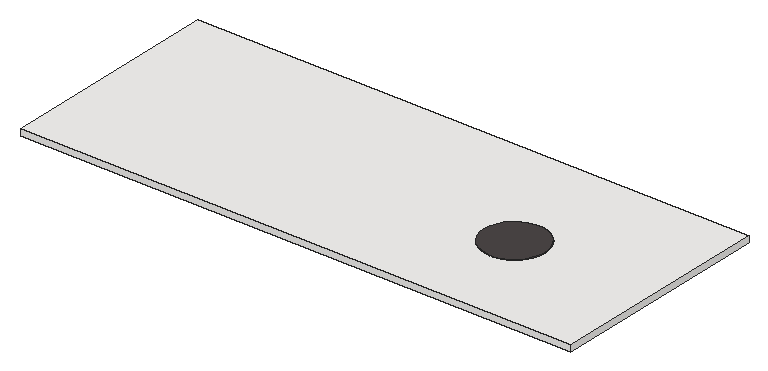
Revit family "console with cutout for bowl without tap hole", category Furniture, Revit 2019 (continued)
Types (40, lengths in mm): name | WEIGHT | SURFACE | SPECIFICATION | PRODUCTURL | PERMALINK | NB | NAME | Model | MIdent | LODLEVEL | LL | LINA | L | GTINCODE | Console 980_550 with cutout in the middle for bowl without tap hole-54114910-DIAMOND_GREY-400_RX0RY0RZ0TX0TY0TZ0_V | Console 980_550 with cutout in the middle for bowl without tap hole-54114910-DIAMOND_GREY-200_RX0RY0RZ0TX0TY0TZ0_V | Console 980_550 with cutout in the middle for bowl without tap hole-54114630-DARK_WALNUT-400_RX0RY0RZ0TX0TY0TZ0_V | Console 980_550 with cutout in the middle for bowl without tap hole-54114630-DARK_WALNUT-200_RX0RY0RZ0TX0TY0TZ0_V | Console 980_550 with cutout in the middle for bowl without tap hole-54114230-NATURAL_OAK-400_RX0RY0RZ0TX0TY0TZ0_V | Console 980_550 with cutout in the middle for bowl without tap hole-54114230-NATURAL_OAK-200_RX0RY0RZ0TX0TY0TZ0_V | Console 980_550 with cutout in the middle for bowl without tap hole-54114050-GLOSSY_WHITE-400_RX0RY0RZ0TX0TY0TZ0_V | Console 980_550 with cutout in the middle for bowl without tap hole-54114050-GLOSSY_WHITE-200_RX0RY0RZ0TX0TY0TZ0_V | Console 780_550 with cutout in the middle for bowl without tap hole-54113910-DIAMOND_GREY-400_RX0RY0RZ0TX0TY0TZ0_V | Console 780_550 with cutout in the middle for bowl without tap hole-54113910-DIAMOND_GREY-200_RX0RY0RZ0TX0TY0TZ0_V | Console 780_550 with cutout in the middle for bowl without tap hole-54113630-DARK_WALNUT-400_RX0RY0RZ0TX0TY0TZ0_V | Console 780_550 with cutout in the middle for bowl without tap hole-54113630-DARK_WALNUT-200_RX0RY0RZ0TX0TY0TZ0_V | Console 780_550 with cutout in the middle for bowl without tap hole-54113230-NATURAL_OAK-400_RX0RY0RZ0TX0TY0TZ0_V | Console 780_550 with cutout in the middle for bowl without tap hole-54113230-NATURAL_OAK-200_RX0RY0RZ0TX0TY0TZ0_V | Console 780_550 with cutout in the middle for bowl without tap hole-54113050-GLOSSY_WHITE-400_RX0RY0RZ0TX0TY0TZ0_V | Console 780_550 with cutout in the middle for bowl without tap hole-54113050-GLOSSY_WHITE-200_RX0RY0RZ0TX0TY0TZ0_V | Console 1360_550 with cutout right for bowl without tap hole-54117910-DIAMOND_GREY-400_RX0RY0RZ0TX0TY0TZ0_V | Console 1360_550 with cutout right for bowl without tap hole-54117910-DIAMOND_GREY-200_RX0RY0RZ0TX0TY0TZ0_V | Console 1360_550 with cutout right for bowl without tap hole-54117630-DARK_WALNUT-400_RX0RY0RZ0TX0TY0TZ0_V | Console 1360_550 with cutout right for bowl without tap hole-54117630-DARK_WALNUT-200_RX0RY0RZ0TX0TY0TZ0_V | Console 1360_550 with cutout right for bowl without tap hole-54117230-NATURAL_OAK-400_RX0RY0RZ0TX0TY0TZ0_V | Console 1360_550 with cutout right for bowl without tap hole-54117230-NATURAL_OAK-200_RX0RY0RZ0TX0TY0TZ0_V | Console 1360_550 with cutout right for bowl without tap hole-54117050-GLOSSY_WHITE-400_RX0RY0RZ0TX0TY0TZ0_V | Console 1360_550 with cutout right for bowl without tap hole-54117050-GLOSSY_WHITE-200_RX0RY0RZ0TX0TY0TZ0_V | Console 1360_550 with cutout left for bowl without tap hole-54116910-DIAMOND_GREY-400_RX0RY0RZ0TX0TY0TZ0_V | Console 1360_550 with cutout left for bowl without tap hole-54116910-DIAMOND_GREY-200_RX0RY0RZ0TX0TY0TZ0_V | Console 1360_550 with cutout left for bowl without tap hole-54116630-DARK_WALNUT-400_RX0RY0RZ0TX0TY0TZ0_V | Console 1360_550 with cutout left for bowl without tap hole-54116630-DARK_WALNUT-200_RX0RY0RZ0TX0TY0TZ0_V | Console 1360_550 with cutout left for bowl without tap hole-54116230-NATURAL_OAK-400_RX0RY0RZ0TX0TY0TZ0_V | Console 1360_550 with cutout left for bowl without tap hole-54116230-NATURAL_OAK-200_RX0RY0RZ0TX0TY0TZ0_V | Console 1360_550 with cutout left for bowl without tap hole-54116050-GLOSSY_WHITE-400_RX0RY0RZ0TX0TY0TZ0_V | Console 1360_550 with cutout left for bowl without tap hole-54116050-GLOSSY_WHITE-200_RX0RY0RZ0TX0TY0TZ0_V | Console 1180_550 with cutout in the middle for bowl without tap hole-54115910-DIAMOND_GREY-400_RX0RY0RZ0TX0TY0TZ0_V | Console 1180_550 with cutout in the middle for bowl without tap hole-54115910-DIAMOND_GREY-200_RX0RY0RZ0TX0TY0TZ0_V | Console 1180_550 with cutout in the middle for bowl without tap hole-54115630-DARK_WALNUT-400_RX0RY0RZ0TX0TY0TZ0_V | Console 1180_550 with cutout in the middle for bowl without tap hole-54115630-DARK_WALNUT-200_RX0RY0RZ0TX0TY0TZ0_V | Console 1180_550 with cutout in the middle for bowl without tap hole-54115230-NATURAL_OAK-400_RX0RY0RZ0TX0TY0TZ0_V | Console 1180_550 with cutout in the middle for bowl without tap hole-54115230-NATURAL_OAK-200_RX0RY0RZ0TX0TY0TZ0_V | Console 1180_550 with cutout in the middle for bowl without tap hole-54115050-GLOSSY_WHITE-400_RX0RY0RZ0TX0TY0TZ0_V | Console 1180_550 with cutout in the middle for bowl without tap hole-54115050-GLOSSY_WHITE-200_RX0RY0RZ0TX0TY0TZ0_V | BASENUMBER | ARTNR
  Console 780_550 with cutout in the middle for bowl without tap hole-54113050-GLOSSY_WHITE-200 | "8.4" | "GLOSSY_WHITE" | "Surfaces:    - 54113050 High Gloss White  - 54113910 Diamond Matt Grey  - 54113230 Natural Oak  - 54113630 Dark Walnut      Specification:" | "https://pro.hansgrohe.com/articledetail--54113050" | "54113XXX" | "Console 780/550 with cutout in the middle for bowl without tap hole-54113050-GLOSSY_WHITE-200" | "Xelu Q Console 780/550 with cutout in the middle for bowl without tap hole" | "Console 780/550 with cutout in the middle for bowl without tap hole-54113050-GLOSSY_WHITE-200" | "{$CADENAS_DATA/23d-libs/hansgrohe/xelu_furniture/console_with_cutout_for_bowl_without_tap_hole/console_with_cutout_for_bowl_without_taphole.prj},373 {VTYP=3D},{NB=Console 780/550 with cutout in the middle for bowl without tap hole-54113050-GLOSSY_WHITE-200},{LINA=Console 780/550 with cutout in the middle for bowl without tap hole-54113050-GLOSSY_WHITE-200},{NN=Console with cutout for bowl without tap hole},{DATE=10.03.2023 08:15:20},{GEOMDATE=08.03.2023 13:19:56},{VERSION=},{LINEID=10},{WBVAR=LODLEVEL},{WBNUMERIC=}  {NB=Console 780/550 with cutout in the middle for bowl without tap hole-54113050-GLOSSY_WHITE-200},{LINA=Console 780/550 with cutout in the middle for bowl without tap hole-54113050-GLOSSY_WHITE-200},{KT=DUMMY},{IDNR=1},{ARTNR=54113050},{BASENUMBER=Console 780/550 with cutout in the middle for bowl without tap hole},{MODEL=54113XXX},{SURFACE=GLOSSY_WHITE},{L=780},{LODLEVEL=200},{LODLEVELX='400','400','200','200'},{R=75},{LL=390},{NAME=Xelu Q Console 780/550 with cutout in the middle for bowl without tap hole},{PERMALINK=54113XXX},{OBJECTTYPE=Object (single object)},{BIMOBJECT=Sanitary: Compound units },{PRODUCTFAMILY=Xelu Q},{PRODUCTGROUP=console},{WEIGHT=8.4},{DESCRIPTION=Xelu Q Console 780/550 with cutout in the middle for bowl without tap hole},{SPECIFICATION=Surfaces:    - 54113050 High Gloss White  - 54113910 Diamond Matt Grey  - 54113230 Natural Oak  - 54113630 Dark Walnut      Specification:},{PRODUCTURL=https://pro.hansgrohe.com/articledetail--54113050},{GTINCODE=4059625457535},{TENDERURL=},{IFC=Furnishing element},{ETIM=EC011381 | Bathroom furniture set},{UNICLASS2015=Pr_40_20_76_94 | Vanity units},{OMNICLASS=23-19 31 17 11 | Bathroom Units},{MASTERFORMAT=12 35 30.23 | Bathroom Casework},{UNSPSC=56 | Furniture and Furnishings},{UNIFORMATII=E2010 | Fixed Furnishings},{REGIONSET=Worldwide},{DESIGN=Germany},{MANUFACTURER=Germany}" | "200" | 390 | "Console 780/550 with cutout in the middle for bowl without tap hole-54113050-GLOSSY_WHITE-200" | 780 | "4059625457535" | no | no | no | no | no | no | no | no | no | no | no | no | no | no | no | yes | no | no | no | no | no | no | no | no | no | no | no | no | no | no | no | no | no | no | no | no | no | no | no | no | "Console 780/550 with cutout in the middle for bowl without tap hole" | "54113050"
  Console 780_550 with cutout in the middle for bowl without tap hole-54113050-GLOSSY_WHITE-400 | "8.4" | "GLOSSY_WHITE" | "Surfaces:    - 54113050 High Gloss White  - 54113910 Diamond Matt Grey  - 54113230 Natural Oak  - 54113630 Dark Walnut      Specification:" | "https://pro.hansgrohe.com/articledetail--54113050" | "54113XXX" | "Console 780/550 with cutout in the middle for bowl without tap hole-54113050-GLOSSY_WHITE-400" | "Xelu Q Console 780/550 with cutout in the middle for bowl without tap hole" | "Console 780/550 with cutout in the middle for bowl without tap hole-54113050-GLOSSY_WHITE-400" | "{$CADENAS_DATA/23d-libs/hansgrohe/xelu_furniture/console_with_cutout_for_bowl_without_tap_hole/console_with_cutout_for_bowl_without_taphole.prj},373 {VTYP=3D},{NB=Console 780/550 with cutout in the middle for bowl without tap hole-54113050-GLOSSY_WHITE-400},{LINA=Console 780/550 with cutout in the middle for bowl without tap hole-54113050-GLOSSY_WHITE-400},{NN=Console with cutout for bowl without tap hole},{DATE=10.03.2023 08:15:20},{GEOMDATE=08.03.2023 13:19:56},{VERSION=},{LINEID=10},{WBVAR=LODLEVEL},{WBNUMERIC=}  {NB=Console 780/550 with cutout in the middle for bowl without tap hole-54113050-GLOSSY_WHITE-400},{LINA=Console 780/550 with cutout in the middle for bowl without tap hole-54113050-GLOSSY_WHITE-400},{KT=DUMMY},{IDNR=1},{ARTNR=54113050},{BASENUMBER=Console 780/550 with cutout in the middle for bowl without tap hole},{MODEL=54113XXX},{SURFACE=GLOSSY_WHITE},{L=780},{LODLEVEL=400},{LODLEVELX='400','400','200','200'},{R=75},{LL=390},{NAME=Xelu Q Console 780/550 with cutout in the middle for bowl without tap hole},{PERMALINK=54113XXX},{OBJECTTYPE=Object (single object)},{BIMOBJECT=Sanitary: Compound units },{PRODUCTFAMILY=Xelu Q},{PRODUCTGROUP=console},{WEIGHT=8.4},{DESCRIPTION=Xelu Q Console 780/550 with cutout in the middle for bowl without tap hole},{SPECIFICATION=Surfaces:    - 54113050 High Gloss White  - 54113910 Diamond Matt Grey  - 54113230 Natural Oak  - 54113630 Dark Walnut      Specification:},{PRODUCTURL=https://pro.hansgrohe.com/articledetail--54113050},{GTINCODE=4059625457535},{TENDERURL=},{IFC=Furnishing element},{ETIM=EC011381 | Bathroom furniture set},{UNICLASS2015=Pr_40_20_76_94 | Vanity units},{OMNICLASS=23-19 31 17 11 | Bathroom Units},{MASTERFORMAT=12 35 30.23 | Bathroom Casework},{UNSPSC=56 | Furniture and Furnishings},{UNIFORMATII=E2010 | Fixed Furnishings},{REGIONSET=Worldwide},{DESIGN=Germany},{MANUFACTURER=Germany}" | "400" | 390 | "Console 780/550 with cutout in the middle for bowl without tap hole-54113050-GLOSSY_WHITE-400" | 780 | "4059625457535" | no | no | no | no | no | no | no | no | no | no | no | no | no | no | yes | no | no | no | no | no | no | no | no | no | no | no | no | no | no | no | no | no | no | no | no | no | no | no | no | no | "Console 780/550 with cutout in the middle for bowl without tap hole" | "54113050"
  Console 780_550 with cutout in the middle for bowl without tap hole-54113230-NATURAL_OAK-200 | "8.4" | "NATURAL_OAK" | "Surfaces:    - 54113050 High Gloss White  - 54113910 Diamond Matt Grey  - 54113230 Natural Oak  - 54113630 Dark Walnut      Specification:" | "https://pro.hansgrohe.com/articledetail--54113050" | "54113XXX" | "Console 780/550 with cutout in the middle for bowl without tap hole-54113230-NATURAL_OAK-200" | "Xelu Q Console 780/550 with cutout in the middle for bowl without tap hole" | "Console 780/550 with cutout in the middle for bowl without tap hole-54113230-NATURAL_OAK-200" | "{$CADENAS_DATA/23d-libs/hansgrohe/xelu_furniture/console_with_cutout_for_bowl_without_tap_hole/console_with_cutout_for_bowl_without_taphole.prj},371 {VTYP=3D},{NB=Console 780/550 with cutout in the middle for bowl without tap hole-54113230-NATURAL_OAK-200},{LINA=Console 780/550 with cutout in the middle for bowl without tap hole-54113230-NATURAL_OAK-200},{NN=Console with cutout for bowl without tap hole},{DATE=10.03.2023 08:15:20},{GEOMDATE=08.03.2023 13:19:56},{VERSION=},{LINEID=30},{WBVAR=LODLEVEL},{WBNUMERIC=}  {NB=Console 780/550 with cutout in the middle for bowl without tap hole-54113230-NATURAL_OAK-200},{LINA=Console 780/550 with cutout in the middle for bowl without tap hole-54113230-NATURAL_OAK-200},{KT=DUMMY},{IDNR=3},{ARTNR=54113230},{BASENUMBER=Console 780/550 with cutout in the middle for bowl without tap hole},{MODEL=54113XXX},{SURFACE=NATURAL_OAK},{L=780},{LODLEVEL=200},{LODLEVELX='400','400','200','200'},{R=75},{LL=390},{NAME=Xelu Q Console 780/550 with cutout in the middle for bowl without tap hole},{PERMALINK=54113XXX},{OBJECTTYPE=Object (single object)},{BIMOBJECT=Sanitary: Compound units },{PRODUCTFAMILY=Xelu Q},{PRODUCTGROUP=console},{WEIGHT=8.4},{DESCRIPTION=Xelu Q Console 780/550 with cutout in the middle for bowl without tap hole},{SPECIFICATION=Surfaces:    - 54113050 High Gloss White  - 54113910 Diamond Matt Grey  - 54113230 Natural Oak  - 54113630 Dark Walnut      Specification:},{PRODUCTURL=https://pro.hansgrohe.com/articledetail--54113050},{GTINCODE=4059625457535},{TENDERURL=},{IFC=Furnishing element},{ETIM=EC011381 | Bathroom furniture set},{UNICLASS2015=Pr_40_20_76_94 | Vanity units},{OMNICLASS=23-19 31 17 11 | Bathroom Units},{MASTERFORMAT=12 35 30.23 | Bathroom Casework},{UNSPSC=56 | Furniture and Furnishings},{UNIFORMATII=E2010 | Fixed Furnishings},{REGIONSET=Worldwide},{DESIGN=Germany},{MANUFACTURER=Germany}" | "200" | 390 | "Console 780/550 with cutout in the middle for bowl without tap hole-54113230-NATURAL_OAK-200" | 780 | "4059625457535" | no | no | no | no | no | no | no | no | no | no | no | no | no | yes | no | no | no | no | no | no | no | no | no | no | no | no | no | no | no | no | no | no | no | no | no | no | no | no | no | no | "Console 780/550 with cutout in the middle for bowl without tap hole" | "54113230"
  Console 780_550 with cutout in the middle for bowl without tap hole-54113230-NATURAL_OAK-400 | "8.4" | "NATURAL_OAK" | "Surfaces:    - 54113050 High Gloss White  - 54113910 Diamond Matt Grey  - 54113230 Natural Oak  - 54113630 Dark Walnut      Specification:" | "https://pro.hansgrohe.com/articledetail--54113050" | "54113XXX" | "Console 780/550 with cutout in the middle for bowl without tap hole-54113230-NATURAL_OAK-400" | "Xelu Q Console 780/550 with cutout in the middle for bowl without tap hole" | "Console 780/550 with cutout in the middle for bowl without tap hole-54113230-NATURAL_OAK-400" | "{$CADENAS_DATA/23d-libs/hansgrohe/xelu_furniture/console_with_cutout_for_bowl_without_tap_hole/console_with_cutout_for_bowl_without_taphole.prj},371 {VTYP=3D},{NB=Console 780/550 with cutout in the middle for bowl without tap hole-54113230-NATURAL_OAK-400},{LINA=Console 780/550 with cutout in the middle for bowl without tap hole-54113230-NATURAL_OAK-400},{NN=Console with cutout for bowl without tap hole},{DATE=10.03.2023 08:15:20},{GEOMDATE=08.03.2023 13:19:56},{VERSION=},{LINEID=30},{WBVAR=LODLEVEL},{WBNUMERIC=}  {NB=Console 780/550 with cutout in the middle for bowl without tap hole-54113230-NATURAL_OAK-400},{LINA=Console 780/550 with cutout in the middle for bowl without tap hole-54113230-NATURAL_OAK-400},{KT=DUMMY},{IDNR=3},{ARTNR=54113230},{BASENUMBER=Console 780/550 with cutout in the middle for bowl without tap hole},{MODEL=54113XXX},{SURFACE=NATURAL_OAK},{L=780},{LODLEVEL=400},{LODLEVELX='400','400','200','200'},{R=75},{LL=390},{NAME=Xelu Q Console 780/550 with cutout in the middle for bowl without tap hole},{PERMALINK=54113XXX},{OBJECTTYPE=Object (single object)},{BIMOBJECT=Sanitary: Compound units },{PRODUCTFAMILY=Xelu Q},{PRODUCTGROUP=console},{WEIGHT=8.4},{DESCRIPTION=Xelu Q Console 780/550 with cutout in the middle for bowl without tap hole},{SPECIFICATION=Surfaces:    - 54113050 High Gloss White  - 54113910 Diamond Matt Grey  - 54113230 Natural Oak  - 54113630 Dark Walnut      Specification:},{PRODUCTURL=https://pro.hansgrohe.com/articledetail--54113050},{GTINCODE=4059625457535},{TENDERURL=},{IFC=Furnishing element},{ETIM=EC011381 | Bathroom furniture set},{UNICLASS2015=Pr_40_20_76_94 | Vanity units},{OMNICLASS=23-19 31 17 11 | Bathroom Units},{MASTERFORMAT=12 35 30.23 | Bathroom Casework},{UNSPSC=56 | Furniture and Furnishings},{UNIFORMATII=E2010 | Fixed Furnishings},{REGIONSET=Worldwide},{DESIGN=Germany},{MANUFACTURER=Germany}" | "400" | 390 | "Console 780/550 with cutout in the middle for bowl without tap hole-54113230-NATURAL_OAK-400" | 780 | "4059625457535" | no | no | no | no | no | no | no | no | no | no | no | no | yes | no | no | no | no | no | no | no | no | no | no | no | no | no | no | no | no | no | no | no | no | no | no | no | no | no | no | no | "Console 780/550 with cutout in the middle for bowl without tap hole" | "54113230"
  Console 780_550 with cutout in the middle for bowl without tap hole-54113630-DARK_WALNUT-200 | "8.4" | "DARK_WALNUT" | "Surfaces:    - 54113050 High Gloss White  - 54113910 Diamond Matt Grey  - 54113230 Natural Oak  - 54113630 Dark Walnut      Specification:" | "https://pro.hansgrohe.com/articledetail--54113050" | "54113XXX" | "Console 780/550 with cutout in the middle for bowl without tap hole-54113630-DARK_WALNUT-200" | "Xelu Q Console 780/550 with cutout in the middle for bowl without tap hole" | "Console 780/550 with cutout in the middle for bowl without tap hole-54113630-DARK_WALNUT-200" | "{$CADENAS_DATA/23d-libs/hansgrohe/xelu_furniture/console_with_cutout_for_bowl_without_tap_hole/console_with_cutout_for_bowl_without_taphole.prj},371 {VTYP=3D},{NB=Console 780/550 with cutout in the middle for bowl without tap hole-54113630-DARK_WALNUT-200},{LINA=Console 780/550 with cutout in the middle for bowl without tap hole-54113630-DARK_WALNUT-200},{NN=Console with cutout for bowl without tap hole},{DATE=10.03.2023 08:15:20},{GEOMDATE=08.03.2023 13:19:56},{VERSION=},{LINEID=40},{WBVAR=LODLEVEL},{WBNUMERIC=}  {NB=Console 780/550 with cutout in the middle for bowl without tap hole-54113630-DARK_WALNUT-200},{LINA=Console 780/550 with cutout in the middle for bowl without tap hole-54113630-DARK_WALNUT-200},{KT=DUMMY},{IDNR=4},{ARTNR=54113630},{BASENUMBER=Console 780/550 with cutout in the middle for bowl without tap hole},{MODEL=54113XXX},{SURFACE=DARK_WALNUT},{L=780},{LODLEVEL=200},{LODLEVELX='400','400','200','200'},{R=75},{LL=390},{NAME=Xelu Q Console 780/550 with cutout in the middle for bowl without tap hole},{PERMALINK=54113XXX},{OBJECTTYPE=Object (single object)},{BIMOBJECT=Sanitary: Compound units },{PRODUCTFAMILY=Xelu Q},{PRODUCTGROUP=console},{WEIGHT=8.4},{DESCRIPTION=Xelu Q Console 780/550 with cutout in the middle for bowl without tap hole},{SPECIFICATION=Surfaces:    - 54113050 High Gloss White  - 54113910 Diamond Matt Grey  - 54113230 Natural Oak  - 54113630 Dark Walnut      Specification:},{PRODUCTURL=https://pro.hansgrohe.com/articledetail--54113050},{GTINCODE=4059625457535},{TENDERURL=},{IFC=Furnishing element},{ETIM=EC011381 | Bathroom furniture set},{UNICLASS2015=Pr_40_20_76_94 | Vanity units},{OMNICLASS=23-19 31 17 11 | Bathroom Units},{MASTERFORMAT=12 35 30.23 | Bathroom Casework},{UNSPSC=56 | Furniture and Furnishings},{UNIFORMATII=E2010 | Fixed Furnishings},{REGIONSET=Worldwide},{DESIGN=Germany},{MANUFACTURER=Germany}" | "200" | 390 | "Console 780/550 with cutout in the middle for bowl without tap hole-54113630-DARK_WALNUT-200" | 780 | "4059625457535" | no | no | no | no | no | no | no | no | no | no | no | yes | no | no | no | no | no | no | no | no | no | no | no | no | no | no | no | no | no | no | no | no | no | no | no | no | no | no | no | no | "Console 780/550 with cutout in the middle for bowl without tap hole" | "54113630"
  Console 780_550 with cutout in the middle for bowl without tap hole-54113630-DARK_WALNUT-400 | "8.4" | "DARK_WALNUT" | "Surfaces:    - 54113050 High Gloss White  - 54113910 Diamond Matt Grey  - 54113230 Natural Oak  - 54113630 Dark Walnut      Specification:" | "https://pro.hansgrohe.com/articledetail--54113050" | "54113XXX" | "Console 780/550 with cutout in the middle for bowl without tap hole-54113630-DARK_WALNUT-400" | "Xelu Q Console 780/550 with cutout in the middle for bowl without tap hole" | "Console 780/550 with cutout in the middle for bowl without tap hole-54113630-DARK_WALNUT-400" | "{$CADENAS_DATA/23d-libs/hansgrohe/xelu_furniture/console_with_cutout_for_bowl_without_tap_hole/console_with_cutout_for_bowl_without_taphole.prj},371 {VTYP=3D},{NB=Console 780/550 with cutout in the middle for bowl without tap hole-54113630-DARK_WALNUT-400},{LINA=Console 780/550 with cutout in the middle for bowl without tap hole-54113630-DARK_WALNUT-400},{NN=Console with cutout for bowl without tap hole},{DATE=10.03.2023 08:15:20},{GEOMDATE=08.03.2023 13:19:56},{VERSION=},{LINEID=40},{WBVAR=LODLEVEL},{WBNUMERIC=}  {NB=Console 780/550 with cutout in the middle for bowl without tap hole-54113630-DARK_WALNUT-400},{LINA=Console 780/550 with cutout in the middle for bowl without tap hole-54113630-DARK_WALNUT-400},{KT=DUMMY},{IDNR=4},{ARTNR=54113630},{BASENUMBER=Console 780/550 with cutout in the middle for bowl without tap hole},{MODEL=54113XXX},{SURFACE=DARK_WALNUT},{L=780},{LODLEVEL=400},{LODLEVELX='400','400','200','200'},{R=75},{LL=390},{NAME=Xelu Q Console 780/550 with cutout in the middle for bowl without tap hole},{PERMALINK=54113XXX},{OBJECTTYPE=Object (single object)},{BIMOBJECT=Sanitary: Compound units },{PRODUCTFAMILY=Xelu Q},{PRODUCTGROUP=console},{WEIGHT=8.4},{DESCRIPTION=Xelu Q Console 780/550 with cutout in the middle for bowl without tap hole},{SPECIFICATION=Surfaces:    - 54113050 High Gloss White  - 54113910 Diamond Matt Grey  - 54113230 Natural Oak  - 54113630 Dark Walnut      Specification:},{PRODUCTURL=https://pro.hansgrohe.com/articledetail--54113050},{GTINCODE=4059625457535},{TENDERURL=},{IFC=Furnishing element},{ETIM=EC011381 | Bathroom furniture set},{UNICLASS2015=Pr_40_20_76_94 | Vanity units},{OMNICLASS=23-19 31 17 11 | Bathroom Units},{MASTERFORMAT=12 35 30.23 | Bathroom Casework},{UNSPSC=56 | Furniture and Furnishings},{UNIFORMATII=E2010 | Fixed Furnishings},{REGIONSET=Worldwide},{DESIGN=Germany},{MANUFACTURER=Germany}" | "400" | 390 | "Console 780/550 with cutout in the middle for bowl without tap hole-54113630-DARK_WALNUT-400" | 780 | "4059625457535" | no | no | no | no | no | no | no | no | no | no | yes | no | no | no | no | no | no | no | no | no | no | no | no | no | no | no | no | no | no | no | no | no | no | no | no | no | no | no | no | no | "Console 780/550 with cutout in the middle for bowl without tap hole" | "54113630"
  Console 780_550 with cutout in the middle for bowl without tap hole-54113910-DIAMOND_GREY-200 | "8.4" | "DIAMOND_GREY" | "Surfaces:    - 54113050 High Gloss White  - 54113910 Diamond Matt Grey  - 54113230 Natural Oak  - 54113630 Dark Walnut      Specification:" | "https://pro.hansgrohe.com/articledetail--54113050" | "54113XXX" | "Console 780/550 with cutout in the middle for bowl without tap hole-54113910-DIAMOND_GREY-200" | "Xelu Q Console 780/550 with cutout in the middle for bowl without tap hole" | "Console 780/550 with cutout in the middle for bowl without tap hole-54113910-DIAMOND_GREY-200" | "{$CADENAS_DATA/23d-libs/hansgrohe/xelu_furniture/console_with_cutout_for_bowl_without_tap_hole/console_with_cutout_for_bowl_without_taphole.prj},373 {VTYP=3D},{NB=Console 780/550 with cutout in the middle for bowl without tap hole-54113910-DIAMOND_GREY-200},{LINA=Console 780/550 with cutout in the middle for bowl without tap hole-54113910-DIAMOND_GREY-200},{NN=Console with cutout for bowl without tap hole},{DATE=10.03.2023 08:15:20},{GEOMDATE=08.03.2023 13:19:56},{VERSION=},{LINEID=20},{WBVAR=LODLEVEL},{WBNUMERIC=}  {NB=Console 780/550 with cutout in the middle for bowl without tap hole-54113910-DIAMOND_GREY-200},{LINA=Console 780/550 with cutout in the middle for bowl without tap hole-54113910-DIAMOND_GREY-200},{KT=DUMMY},{IDNR=2},{ARTNR=54113910},{BASENUMBER=Console 780/550 with cutout in the middle for bowl without tap hole},{MODEL=54113XXX},{SURFACE=DIAMOND_GREY},{L=780},{LODLEVEL=200},{LODLEVELX='400','400','200','200'},{R=75},{LL=390},{NAME=Xelu Q Console 780/550 with cutout in the middle for bowl without tap hole},{PERMALINK=54113XXX},{OBJECTTYPE=Object (single object)},{BIMOBJECT=Sanitary: Compound units },{PRODUCTFAMILY=Xelu Q},{PRODUCTGROUP=console},{WEIGHT=8.4},{DESCRIPTION=Xelu Q Console 780/550 with cutout in the middle for bowl without tap hole},{SPECIFICATION=Surfaces:    - 54113050 High Gloss White  - 54113910 Diamond Matt Grey  - 54113230 Natural Oak  - 54113630 Dark Walnut      Specification:},{PRODUCTURL=https://pro.hansgrohe.com/articledetail--54113050},{GTINCODE=4059625457535},{TENDERURL=},{IFC=Furnishing element},{ETIM=EC011381 | Bathroom furniture set},{UNICLASS2015=Pr_40_20_76_94 | Vanity units},{OMNICLASS=23-19 31 17 11 | Bathroom Units},{MASTERFORMAT=12 35 30.23 | Bathroom Casework},{UNSPSC=56 | Furniture and Furnishings},{UNIFORMATII=E2010 | Fixed Furnishings},{REGIONSET=Worldwide},{DESIGN=Germany},{MANUFACTURER=Germany}" | "200" | 390 | "Console 780/550 with cutout in the middle for bowl without tap hole-54113910-DIAMOND_GREY-200" | 780 | "4059625457535" | no | no | no | no | no | no | no | no | no | yes | no | no | no | no | no | no | no | no | no | no | no | no | no | no | no | no | no | no | no | no | no | no | no | no | no | no | no | no | no | no | "Console 780/550 with cutout in the middle for bowl without tap hole" | "54113910"
  Console 780_550 with cutout in the middle for bowl without tap hole-54113910-DIAMOND_GREY-400 | "8.4" | "DIAMOND_GREY" | "Surfaces:    - 54113050 High Gloss White  - 54113910 Diamond Matt Grey  - 54113230 Natural Oak  - 54113630 Dark Walnut      Specification:" | "https://pro.hansgrohe.com/articledetail--54113050" | "54113XXX" | "Console 780/550 with cutout in the middle for bowl without tap hole-54113910-DIAMOND_GREY-400" | "Xelu Q Console 780/550 with cutout in the middle for bowl without tap hole" | "Console 780/550 with cutout in the middle for bowl without tap hole-54113910-DIAMOND_GREY-400" | "{$CADENAS_DATA/23d-libs/hansgrohe/xelu_furniture/console_with_cutout_for_bowl_without_tap_hole/console_with_cutout_for_bowl_without_taphole.prj},373 {VTYP=3D},{NB=Console 780/550 with cutout in the middle for bowl without tap hole-54113910-DIAMOND_GREY-400},{LINA=Console 780/550 with cutout in the middle for bowl without tap hole-54113910-DIAMOND_GREY-400},{NN=Console with cutout for bowl without tap hole},{DATE=10.03.2023 08:15:20},{GEOMDATE=08.03.2023 13:19:56},{VERSION=},{LINEID=20},{WBVAR=LODLEVEL},{WBNUMERIC=}  {NB=Console 780/550 with cutout in the middle for bowl without tap hole-54113910-DIAMOND_GREY-400},{LINA=Console 780/550 with cutout in the middle for bowl without tap hole-54113910-DIAMOND_GREY-400},{KT=DUMMY},{IDNR=2},{ARTNR=54113910},{BASENUMBER=Console 780/550 with cutout in the middle for bowl without tap hole},{MODEL=54113XXX},{SURFACE=DIAMOND_GREY},{L=780},{LODLEVEL=400},{LODLEVELX='400','400','200','200'},{R=75},{LL=390},{NAME=Xelu Q Console 780/550 with cutout in the middle for bowl without tap hole},{PERMALINK=54113XXX},{OBJECTTYPE=Object (single object)},{BIMOBJECT=Sanitary: Compound units },{PRODUCTFAMILY=Xelu Q},{PRODUCTGROUP=console},{WEIGHT=8.4},{DESCRIPTION=Xelu Q Console 780/550 with cutout in the middle for bowl without tap hole},{SPECIFICATION=Surfaces:    - 54113050 High Gloss White  - 54113910 Diamond Matt Grey  - 54113230 Natural Oak  - 54113630 Dark Walnut      Specification:},{PRODUCTURL=https://pro.hansgrohe.com/articledetail--54113050},{GTINCODE=4059625457535},{TENDERURL=},{IFC=Furnishing element},{ETIM=EC011381 | Bathroom furniture set},{UNICLASS2015=Pr_40_20_76_94 | Vanity units},{OMNICLASS=23-19 31 17 11 | Bathroom Units},{MASTERFORMAT=12 35 30.23 | Bathroom Casework},{UNSPSC=56 | Furniture and Furnishings},{UNIFORMATII=E2010 | Fixed Furnishings},{REGIONSET=Worldwide},{DESIGN=Germany},{MANUFACTURER=Germany}" | "400" | 390 | "Console 780/550 with cutout in the middle for bowl without tap hole-54113910-DIAMOND_GREY-400" | 780 | "4059625457535" | no | no | no | no | no | no | no | no | yes | no | no | no | no | no | no | no | no | no | no | no | no | no | no | no | no | no | no | no | no | no | no | no | no | no | no | no | no | no | no | no | "Console 780/550 with cutout in the middle for bowl without tap hole" | "54113910"
  Console 980_550 with cutout in the middle for bowl without tap hole-54114050-GLOSSY_WHITE-200 | "13.2" | "GLOSSY_WHITE" | "Surfaces:    - 54114050 High Gloss White  - 54114910 Diamond Matt Grey  - 54114230 Natural Oak  - 54114630 Dark Walnut      Specification:" | "https://pro.hansgrohe.com/articledetail--54114050" | "54114XXX" | "Console 980/550 with cutout in the middle for bowl without tap hole-54114050-GLOSSY_WHITE-200" | "Xelu Q Console 980/550 with cutout in the middle for bowl without tap hole" | "Console 980/550 with cutout in the middle for bowl without tap hole-54114050-GLOSSY_WHITE-200" | "{$CADENAS_DATA/23d-libs/hansgrohe/xelu_furniture/console_with_cutout_for_bowl_without_tap_hole/console_with_cutout_for_bowl_without_taphole.prj},373 {VTYP=3D},{NB=Console 980/550 with cutout in the middle for bowl without tap hole-54114050-GLOSSY_WHITE-200},{LINA=Console 980/550 with cutout in the middle for bowl without tap hole-54114050-GLOSSY_WHITE-200},{NN=Console with cutout for bowl without tap hole},{DATE=10.03.2023 08:15:20},{GEOMDATE=08.03.2023 13:19:56},{VERSION=},{LINEID=50},{WBVAR=LODLEVEL},{WBNUMERIC=}  {NB=Console 980/550 with cutout in the middle for bowl without tap hole-54114050-GLOSSY_WHITE-200},{LINA=Console 980/550 with cutout in the middle for bowl without tap hole-54114050-GLOSSY_WHITE-200},{KT=DUMMY},{IDNR=5},{ARTNR=54114050},{BASENUMBER=Console 980/550 with cutout in the middle for bowl without tap hole},{MODEL=54114XXX},{SURFACE=GLOSSY_WHITE},{L=980},{LODLEVEL=200},{LODLEVELX='400','400','200','200'},{R=75},{LL=490},{NAME=Xelu Q Console 980/550 with cutout in the middle for bowl without tap hole},{PERMALINK=54114XXX},{OBJECTTYPE=Object (single object)},{BIMOBJECT=Sanitary: Compound units },{PRODUCTFAMILY=Xelu Q},{PRODUCTGROUP=console},{WEIGHT=13.2},{DESCRIPTION=Xelu Q Console 980/550 with cutout in the middle for bowl without tap hole},{SPECIFICATION=Surfaces:    - 54114050 High Gloss White  - 54114910 Diamond Matt Grey  - 54114230 Natural Oak  - 54114630 Dark Walnut      Specification:},{PRODUCTURL=https://pro.hansgrohe.com/articledetail--54114050},{GTINCODE=4059625457498},{TENDERURL=},{IFC=Furnishing element},{ETIM=EC011381 | Bathroom furniture set},{UNICLASS2015=Pr_40_20_76_94 | Vanity units},{OMNICLASS=23-19 31 17 11 | Bathroom Units},{MASTERFORMAT=12 35 30.23 | Bathroom Casework},{UNSPSC=56 | Furniture and Furnishings},{UNIFORMATII=E2010 | Fixed Furnishings},{REGIONSET=Worldwide},{DESIGN=Germany},{MANUFACTURER=Germany}" | "200" | 490 | "Console 980/550 with cutout in the middle for bowl without tap hole-54114050-GLOSSY_WHITE-200" | 980 | "4059625457498" | no | no | no | no | no | no | no | yes | no | no | no | no | no | no | no | no | no | no | no | no | no | no | no | no | no | no | no | no | no | no | no | no | no | no | no | no | no | no | no | no | "Console 980/550 with cutout in the middle for bowl without tap hole" | "54114050"
  Console 980_550 with cutout in the middle for bowl without tap hole-54114050-GLOSSY_WHITE-400 | "13.2" | "GLOSSY_WHITE" | "Surfaces:    - 54114050 High Gloss White  - 54114910 Diamond Matt Grey  - 54114230 Natural Oak  - 54114630 Dark Walnut      Specification:" | "https://pro.hansgrohe.com/articledetail--54114050" | "54114XXX" | "Console 980/550 with cutout in the middle for bowl without tap hole-54114050-GLOSSY_WHITE-400" | "Xelu Q Console 980/550 with cutout in the middle for bowl without tap hole" | "Console 980/550 with cutout in the middle for bowl without tap hole-54114050-GLOSSY_WHITE-400" | "{$CADENAS_DATA/23d-libs/hansgrohe/xelu_furniture/console_with_cutout_for_bowl_without_tap_hole/console_with_cutout_for_bowl_without_taphole.prj},373 {VTYP=3D},{NB=Console 980/550 with cutout in the middle for bowl without tap hole-54114050-GLOSSY_WHITE-400},{LINA=Console 980/550 with cutout in the middle for bowl without tap hole-54114050-GLOSSY_WHITE-400},{NN=Console with cutout for bowl without tap hole},{DATE=10.03.2023 08:15:20},{GEOMDATE=08.03.2023 13:19:56},{VERSION=},{LINEID=50},{WBVAR=LODLEVEL},{WBNUMERIC=}  {NB=Console 980/550 with cutout in the middle for bowl without tap hole-54114050-GLOSSY_WHITE-400},{LINA=Console 980/550 with cutout in the middle for bowl without tap hole-54114050-GLOSSY_WHITE-400},{KT=DUMMY},{IDNR=5},{ARTNR=54114050},{BASENUMBER=Console 980/550 with cutout in the middle for bowl without tap hole},{MODEL=54114XXX},{SURFACE=GLOSSY_WHITE},{L=980},{LODLEVEL=400},{LODLEVELX='400','400','200','200'},{R=75},{LL=490},{NAME=Xelu Q Console 980/550 with cutout in the middle for bowl without tap hole},{PERMALINK=54114XXX},{OBJECTTYPE=Object (single object)},{BIMOBJECT=Sanitary: Compound units },{PRODUCTFAMILY=Xelu Q},{PRODUCTGROUP=console},{WEIGHT=13.2},{DESCRIPTION=Xelu Q Console 980/550 with cutout in the middle for bowl without tap hole},{SPECIFICATION=Surfaces:    - 54114050 High Gloss White  - 54114910 Diamond Matt Grey  - 54114230 Natural Oak  - 54114630 Dark Walnut      Specification:},{PRODUCTURL=https://pro.hansgrohe.com/articledetail--54114050},{GTINCODE=4059625457498},{TENDERURL=},{IFC=Furnishing element},{ETIM=EC011381 | Bathroom furniture set},{UNICLASS2015=Pr_40_20_76_94 | Vanity units},{OMNICLASS=23-19 31 17 11 | Bathroom Units},{MASTERFORMAT=12 35 30.23 | Bathroom Casework},{UNSPSC=56 | Furniture and Furnishings},{UNIFORMATII=E2010 | Fixed Furnishings},{REGIONSET=Worldwide},{DESIGN=Germany},{MANUFACTURER=Germany}" | "400" | 490 | "Console 980/550 with cutout in the middle for bowl without tap hole-54114050-GLOSSY_WHITE-400" | 980 | "4059625457498" | no | no | no | no | no | no | yes | no | no | no | no | no | no | no | no | no | no | no | no | no | no | no | no | no | no | no | no | no | no | no | no | no | no | no | no | no | no | no | no | no | "Console 980/550 with cutout in the middle for bowl without tap hole" | "54114050"
  Console 980_550 with cutout in the middle for bowl without tap hole-54114230-NATURAL_OAK-200 | "13.2" | "NATURAL_OAK" | "Surfaces:    - 54114050 High Gloss White  - 54114910 Diamond Matt Grey  - 54114230 Natural Oak  - 54114630 Dark Walnut      Specification:" | "https://pro.hansgrohe.com/articledetail--54114050" | "54114XXX" | "Console 980/550 with cutout in the middle for bowl without tap hole-54114230-NATURAL_OAK-200" | "Xelu Q Console 980/550 with cutout in the middle for bowl without tap hole" | "Console 980/550 with cutout in the middle for bowl without tap hole-54114230-NATURAL_OAK-200" | "{$CADENAS_DATA/23d-libs/hansgrohe/xelu_furniture/console_with_cutout_for_bowl_without_tap_hole/console_with_cutout_for_bowl_without_taphole.prj},371 {VTYP=3D},{NB=Console 980/550 with cutout in the middle for bowl without tap hole-54114230-NATURAL_OAK-200},{LINA=Console 980/550 with cutout in the middle for bowl without tap hole-54114230-NATURAL_OAK-200},{NN=Console with cutout for bowl without tap hole},{DATE=10.03.2023 08:15:20},{GEOMDATE=08.03.2023 13:19:56},{VERSION=},{LINEID=80},{WBVAR=LODLEVEL},{WBNUMERIC=}  {NB=Console 980/550 with cutout in the middle for bowl without tap hole-54114230-NATURAL_OAK-200},{LINA=Console 980/550 with cutout in the middle for bowl without tap hole-54114230-NATURAL_OAK-200},{KT=DUMMY},{IDNR=8},{ARTNR=54114230},{BASENUMBER=Console 980/550 with cutout in the middle for bowl without tap hole},{MODEL=54114XXX},{SURFACE=NATURAL_OAK},{L=980},{LODLEVEL=200},{LODLEVELX='400','400','200','200'},{R=75},{LL=490},{NAME=Xelu Q Console 980/550 with cutout in the middle for bowl without tap hole},{PERMALINK=54114XXX},{OBJECTTYPE=Object (single object)},{BIMOBJECT=Sanitary: Compound units },{PRODUCTFAMILY=Xelu Q},{PRODUCTGROUP=console},{WEIGHT=13.2},{DESCRIPTION=Xelu Q Console 980/550 with cutout in the middle for bowl without tap hole},{SPECIFICATION=Surfaces:    - 54114050 High Gloss White  - 54114910 Diamond Matt Grey  - 54114230 Natural Oak  - 54114630 Dark Walnut      Specification:},{PRODUCTURL=https://pro.hansgrohe.com/articledetail--54114050},{GTINCODE=4059625457498},{TENDERURL=},{IFC=Furnishing element},{ETIM=EC011381 | Bathroom furniture set},{UNICLASS2015=Pr_40_20_76_94 | Vanity units},{OMNICLASS=23-19 31 17 11 | Bathroom Units},{MASTERFORMAT=12 35 30.23 | Bathroom Casework},{UNSPSC=56 | Furniture and Furnishings},{UNIFORMATII=E2010 | Fixed Furnishings},{REGIONSET=Worldwide},{DESIGN=Germany},{MANUFACTURER=Germany}" | "200" | 490 | "Console 980/550 with cutout in the middle for bowl without tap hole-54114230-NATURAL_OAK-200" | 980 | "4059625457498" | no | no | no | no | no | yes | no | no | no | no | no | no | no | no | no | no | no | no | no | no | no | no | no | no | no | no | no | no | no | no | no | no | no | no | no | no | no | no | no | no | "Console 980/550 with cutout in the middle for bowl without tap hole" | "54114230"
  Console 980_550 with cutout in the middle for bowl without tap hole-54114230-NATURAL_OAK-400 | "13.2" | "NATURAL_OAK" | "Surfaces:    - 54114050 High Gloss White  - 54114910 Diamond Matt Grey  - 54114230 Natural Oak  - 54114630 Dark Walnut      Specification:" | "https://pro.hansgrohe.com/articledetail--54114050" | "54114XXX" | "Console 980/550 with cutout in the middle for bowl without tap hole-54114230-NATURAL_OAK-400" | "Xelu Q Console 980/550 with cutout in the middle for bowl without tap hole" | "Console 980/550 with cutout in the middle for bowl without tap hole-54114230-NATURAL_OAK-400" | "{$CADENAS_DATA/23d-libs/hansgrohe/xelu_furniture/console_with_cutout_for_bowl_without_tap_hole/console_with_cutout_for_bowl_without_taphole.prj},371 {VTYP=3D},{NB=Console 980/550 with cutout in the middle for bowl without tap hole-54114230-NATURAL_OAK-400},{LINA=Console 980/550 with cutout in the middle for bowl without tap hole-54114230-NATURAL_OAK-400},{NN=Console with cutout for bowl without tap hole},{DATE=10.03.2023 08:15:20},{GEOMDATE=08.03.2023 13:19:56},{VERSION=},{LINEID=80},{WBVAR=LODLEVEL},{WBNUMERIC=}  {NB=Console 980/550 with cutout in the middle for bowl without tap hole-54114230-NATURAL_OAK-400},{LINA=Console 980/550 with cutout in the middle for bowl without tap hole-54114230-NATURAL_OAK-400},{KT=DUMMY},{IDNR=8},{ARTNR=54114230},{BASENUMBER=Console 980/550 with cutout in the middle for bowl without tap hole},{MODEL=54114XXX},{SURFACE=NATURAL_OAK},{L=980},{LODLEVEL=400},{LODLEVELX='400','400','200','200'},{R=75},{LL=490},{NAME=Xelu Q Console 980/550 with cutout in the middle for bowl without tap hole},{PERMALINK=54114XXX},{OBJECTTYPE=Object (single object)},{BIMOBJECT=Sanitary: Compound units },{PRODUCTFAMILY=Xelu Q},{PRODUCTGROUP=console},{WEIGHT=13.2},{DESCRIPTION=Xelu Q Console 980/550 with cutout in the middle for bowl without tap hole},{SPECIFICATION=Surfaces:    - 54114050 High Gloss White  - 54114910 Diamond Matt Grey  - 54114230 Natural Oak  - 54114630 Dark Walnut      Specification:},{PRODUCTURL=https://pro.hansgrohe.com/articledetail--54114050},{GTINCODE=4059625457498},{TENDERURL=},{IFC=Furnishing element},{ETIM=EC011381 | Bathroom furniture set},{UNICLASS2015=Pr_40_20_76_94 | Vanity units},{OMNICLASS=23-19 31 17 11 | Bathroom Units},{MASTERFORMAT=12 35 30.23 | Bathroom Casework},{UNSPSC=56 | Furniture and Furnishings},{UNIFORMATII=E2010 | Fixed Furnishings},{REGIONSET=Worldwide},{DESIGN=Germany},{MANUFACTURER=Germany}" | "400" | 490 | "Console 980/550 with cutout in the middle for bowl without tap hole-54114230-NATURAL_OAK-400" | 980 | "4059625457498" | no | no | no | no | yes | no | no | no | no | no | no | no | no | no | no | no | no | no | no | no | no | no | no | no | no | no | no | no | no | no | no | no | no | no | no | no | no | no | no | no | "Console 980/550 with cutout in the middle for bowl without tap hole" | "54114230"
  Console 980_550 with cutout in the middle for bowl without tap hole-54114630-DARK_WALNUT-200 | "13.2" | "DARK_WALNUT" | "Surfaces:    - 54114050 High Gloss White  - 54114910 Diamond Matt Grey  - 54114230 Natural Oak  - 54114630 Dark Walnut      Specification:" | "https://pro.hansgrohe.com/articledetail--54114050" | "54114XXX" | "Console 980/550 with cutout in the middle for bowl without tap hole-54114630-DARK_WALNUT-200" | "Xelu Q Console 980/550 with cutout in the middle for bowl without tap hole" | "Console 980/550 with cutout in the middle for bowl without tap hole-54114630-DARK_WALNUT-200" | "{$CADENAS_DATA/23d-libs/hansgrohe/xelu_furniture/console_with_cutout_for_bowl_without_tap_hole/console_with_cutout_for_bowl_without_taphole.prj},371 {VTYP=3D},{NB=Console 980/550 with cutout in the middle for bowl without tap hole-54114630-DARK_WALNUT-200},{LINA=Console 980/550 with cutout in the middle for bowl without tap hole-54114630-DARK_WALNUT-200},{NN=Console with cutout for bowl without tap hole},{DATE=10.03.2023 08:15:20},{GEOMDATE=08.03.2023 13:19:56},{VERSION=},{LINEID=60},{WBVAR=LODLEVEL},{WBNUMERIC=}  {NB=Console 980/550 with cutout in the middle for bowl without tap hole-54114630-DARK_WALNUT-200},{LINA=Console 980/550 with cutout in the middle for bowl without tap hole-54114630-DARK_WALNUT-200},{KT=DUMMY},{IDNR=6},{ARTNR=54114630},{BASENUMBER=Console 980/550 with cutout in the middle for bowl without tap hole},{MODEL=54114XXX},{SURFACE=DARK_WALNUT},{L=980},{LODLEVEL=200},{LODLEVELX='400','400','200','200'},{R=75},{LL=490},{NAME=Xelu Q Console 980/550 with cutout in the middle for bowl without tap hole},{PERMALINK=54114XXX},{OBJECTTYPE=Object (single object)},{BIMOBJECT=Sanitary: Compound units },{PRODUCTFAMILY=Xelu Q},{PRODUCTGROUP=console},{WEIGHT=13.2},{DESCRIPTION=Xelu Q Console 980/550 with cutout in the middle for bowl without tap hole},{SPECIFICATION=Surfaces:    - 54114050 High Gloss White  - 54114910 Diamond Matt Grey  - 54114230 Natural Oak  - 54114630 Dark Walnut      Specification:},{PRODUCTURL=https://pro.hansgrohe.com/articledetail--54114050},{GTINCODE=4059625457498},{TENDERURL=},{IFC=Furnishing element},{ETIM=EC011381 | Bathroom furniture set},{UNICLASS2015=Pr_40_20_76_94 | Vanity units},{OMNICLASS=23-19 31 17 11 | Bathroom Units},{MASTERFORMAT=12 35 30.23 | Bathroom Casework},{UNSPSC=56 | Furniture and Furnishings},{UNIFORMATII=E2010 | Fixed Furnishings},{REGIONSET=Worldwide},{DESIGN=Germany},{MANUFACTURER=Germany}" | "200" | 490 | "Console 980/550 with cutout in the middle for bowl without tap hole-54114630-DARK_WALNUT-200" | 980 | "4059625457498" | no | no | no | yes | no | no | no | no | no | no | no | no | no | no | no | no | no | no | no | no | no | no | no | no | no | no | no | no | no | no | no | no | no | no | no | no | no | no | no | no | "Console 980/550 with cutout in the middle for bowl without tap hole" | "54114630"
  Console 980_550 with cutout in the middle for bowl without tap hole-54114630-DARK_WALNUT-400 | "13.2" | "DARK_WALNUT" | "Surfaces:    - 54114050 High Gloss White  - 54114910 Diamond Matt Grey  - 54114230 Natural Oak  - 54114630 Dark Walnut      Specification:" | "https://pro.hansgrohe.com/articledetail--54114050" | "54114XXX" | "Console 980/550 with cutout in the middle for bowl without tap hole-54114630-DARK_WALNUT-400" | "Xelu Q Console 980/550 with cutout in the middle for bowl without tap hole" | "Console 980/550 with cutout in the middle for bowl without tap hole-54114630-DARK_WALNUT-400" | "{$CADENAS_DATA/23d-libs/hansgrohe/xelu_furniture/console_with_cutout_for_bowl_without_tap_hole/console_with_cutout_for_bowl_without_taphole.prj},371 {VTYP=3D},{NB=Console 980/550 with cutout in the middle for bowl without tap hole-54114630-DARK_WALNUT-400},{LINA=Console 980/550 with cutout in the middle for bowl without tap hole-54114630-DARK_WALNUT-400},{NN=Console with cutout for bowl without tap hole},{DATE=10.03.2023 08:15:20},{GEOMDATE=08.03.2023 13:19:56},{VERSION=},{LINEID=60},{WBVAR=LODLEVEL},{WBNUMERIC=}  {NB=Console 980/550 with cutout in the middle for bowl without tap hole-54114630-DARK_WALNUT-400},{LINA=Console 980/550 with cutout in the middle for bowl without tap hole-54114630-DARK_WALNUT-400},{KT=DUMMY},{IDNR=6},{ARTNR=54114630},{BASENUMBER=Console 980/550 with cutout in the middle for bowl without tap hole},{MODEL=54114XXX},{SURFACE=DARK_WALNUT},{L=980},{LODLEVEL=400},{LODLEVELX='400','400','200','200'},{R=75},{LL=490},{NAME=Xelu Q Console 980/550 with cutout in the middle for bowl without tap hole},{PERMALINK=54114XXX},{OBJECTTYPE=Object (single object)},{BIMOBJECT=Sanitary: Compound units },{PRODUCTFAMILY=Xelu Q},{PRODUCTGROUP=console},{WEIGHT=13.2},{DESCRIPTION=Xelu Q Console 980/550 with cutout in the middle for bowl without tap hole},{SPECIFICATION=Surfaces:    - 54114050 High Gloss White  - 54114910 Diamond Matt Grey  - 54114230 Natural Oak  - 54114630 Dark Walnut      Specification:},{PRODUCTURL=https://pro.hansgrohe.com/articledetail--54114050},{GTINCODE=4059625457498},{TENDERURL=},{IFC=Furnishing element},{ETIM=EC011381 | Bathroom furniture set},{UNICLASS2015=Pr_40_20_76_94 | Vanity units},{OMNICLASS=23-19 31 17 11 | Bathroom Units},{MASTERFORMAT=12 35 30.23 | Bathroom Casework},{UNSPSC=56 | Furniture and Furnishings},{UNIFORMATII=E2010 | Fixed Furnishings},{REGIONSET=Worldwide},{DESIGN=Germany},{MANUFACTURER=Germany}" | "400" | 490 | "Console 980/550 with cutout in the middle for bowl without tap hole-54114630-DARK_WALNUT-400" | 980 | "4059625457498" | no | no | yes | no | no | no | no | no | no | no | no | no | no | no | no | no | no | no | no | no | no | no | no | no | no | no | no | no | no | no | no | no | no | no | no | no | no | no | no | no | "Console 980/550 with cutout in the middle for bowl without tap hole" | "54114630"
  Console 980_550 with cutout in the middle for bowl without tap hole-54114910-DIAMOND_GREY-200 | "13.2" | "DIAMOND_GREY" | "Surfaces:    - 54114050 High Gloss White  - 54114910 Diamond Matt Grey  - 54114230 Natural Oak  - 54114630 Dark Walnut      Specification:" | "https://pro.hansgrohe.com/articledetail--54114050" | "54114XXX" | "Console 980/550 with cutout in the middle for bowl without tap hole-54114910-DIAMOND_GREY-200" | "Xelu Q Console 980/550 with cutout in the middle for bowl without tap hole" | "Console 980/550 with cutout in the middle for bowl without tap hole-54114910-DIAMOND_GREY-200" | "{$CADENAS_DATA/23d-libs/hansgrohe/xelu_furniture/console_with_cutout_for_bowl_without_tap_hole/console_with_cutout_for_bowl_without_taphole.prj},373 {VTYP=3D},{NB=Console 980/550 with cutout in the middle for bowl without tap hole-54114910-DIAMOND_GREY-200},{LINA=Console 980/550 with cutout in the middle for bowl without tap hole-54114910-DIAMOND_GREY-200},{NN=Console with cutout for bowl without tap hole},{DATE=10.03.2023 08:15:20},{GEOMDATE=08.03.2023 13:19:56},{VERSION=},{LINEID=70},{WBVAR=LODLEVEL},{WBNUMERIC=}  {NB=Console 980/550 with cutout in the middle for bowl without tap hole-54114910-DIAMOND_GREY-200},{LINA=Console 980/550 with cutout in the middle for bowl without tap hole-54114910-DIAMOND_GREY-200},{KT=DUMMY},{IDNR=7},{ARTNR=54114910},{BASENUMBER=Console 980/550 with cutout in the middle for bowl without tap hole},{MODEL=54114XXX},{SURFACE=DIAMOND_GREY},{L=980},{LODLEVEL=200},{LODLEVELX='400','400','200','200'},{R=75},{LL=490},{NAME=Xelu Q Console 980/550 with cutout in the middle for bowl without tap hole},{PERMALINK=54114XXX},{OBJECTTYPE=Object (single object)},{BIMOBJECT=Sanitary: Compound units },{PRODUCTFAMILY=Xelu Q},{PRODUCTGROUP=console},{WEIGHT=13.2},{DESCRIPTION=Xelu Q Console 980/550 with cutout in the middle for bowl without tap hole},{SPECIFICATION=Surfaces:    - 54114050 High Gloss White  - 54114910 Diamond Matt Grey  - 54114230 Natural Oak  - 54114630 Dark Walnut      Specification:},{PRODUCTURL=https://pro.hansgrohe.com/articledetail--54114050},{GTINCODE=4059625457498},{TENDERURL=},{IFC=Furnishing element},{ETIM=EC011381 | Bathroom furniture set},{UNICLASS2015=Pr_40_20_76_94 | Vanity units},{OMNICLASS=23-19 31 17 11 | Bathroom Units},{MASTERFORMAT=12 35 30.23 | Bathroom Casework},{UNSPSC=56 | Furniture and Furnishings},{UNIFORMATII=E2010 | Fixed Furnishings},{REGIONSET=Worldwide},{DESIGN=Germany},{MANUFACTURER=Germany}" | "200" | 490 | "Console 980/550 with cutout in the middle for bowl without tap hole-54114910-DIAMOND_GREY-200" | 980 | "4059625457498" | no | yes | no | no | no | no | no | no | no | no | no | no | no | no | no | no | no | no | no | no | no | no | no | no | no | no | no | no | no | no | no | no | no | no | no | no | no | no | no | no | "Console 980/550 with cutout in the middle for bowl without tap hole" | "54114910"
  Console 980_550 with cutout in the middle for bowl without tap hole-54114910-DIAMOND_GREY-400 | "13.2" | "DIAMOND_GREY" | "Surfaces:    - 54114050 High Gloss White  - 54114910 Diamond Matt Grey  - 54114230 Natural Oak  - 54114630 Dark Walnut      Specification:" | "https://pro.hansgrohe.com/articledetail--54114050" | "54114XXX" | "Console 980/550 with cutout in the middle for bowl without tap hole-54114910-DIAMOND_GREY-400" | "Xelu Q Console 980/550 with cutout in the middle for bowl without tap hole" | "Console 980/550 with cutout in the middle for bowl without tap hole-54114910-DIAMOND_GREY-400" | "{$CADENAS_DATA/23d-libs/hansgrohe/xelu_furniture/console_with_cutout_for_bowl_without_tap_hole/console_with_cutout_for_bowl_without_taphole.prj},373 {VTYP=3D},{NB=Console 980/550 with cutout in the middle for bowl without tap hole-54114910-DIAMOND_GREY-400},{LINA=Console 980/550 with cutout in the middle for bowl without tap hole-54114910-DIAMOND_GREY-400},{NN=Console with cutout for bowl without tap hole},{DATE=10.03.2023 08:15:20},{GEOMDATE=08.03.2023 13:19:56},{VERSION=},{LINEID=70},{WBVAR=LODLEVEL},{WBNUMERIC=}  {NB=Console 980/550 with cutout in the middle for bowl without tap hole-54114910-DIAMOND_GREY-400},{LINA=Console 980/550 with cutout in the middle for bowl without tap hole-54114910-DIAMOND_GREY-400},{KT=DUMMY},{IDNR=7},{ARTNR=54114910},{BASENUMBER=Console 980/550 with cutout in the middle for bowl without tap hole},{MODEL=54114XXX},{SURFACE=DIAMOND_GREY},{L=980},{LODLEVEL=400},{LODLEVELX='400','400','200','200'},{R=75},{LL=490},{NAME=Xelu Q Console 980/550 with cutout in the middle for bowl without tap hole},{PERMALINK=54114XXX},{OBJECTTYPE=Object (single object)},{BIMOBJECT=Sanitary: Compound units },{PRODUCTFAMILY=Xelu Q},{PRODUCTGROUP=console},{WEIGHT=13.2},{DESCRIPTION=Xelu Q Console 980/550 with cutout in the middle for bowl without tap hole},{SPECIFICATION=Surfaces:    - 54114050 High Gloss White  - 54114910 Diamond Matt Grey  - 54114230 Natural Oak  - 54114630 Dark Walnut      Specification:},{PRODUCTURL=https://pro.hansgrohe.com/articledetail--54114050},{GTINCODE=4059625457498},{TENDERURL=},{IFC=Furnishing element},{ETIM=EC011381 | Bathroom furniture set},{UNICLASS2015=Pr_40_20_76_94 | Vanity units},{OMNICLASS=23-19 31 17 11 | Bathroom Units},{MASTERFORMAT=12 35 30.23 | Bathroom Casework},{UNSPSC=56 | Furniture and Furnishings},{UNIFORMATII=E2010 | Fixed Furnishings},{REGIONSET=Worldwide},{DESIGN=Germany},{MANUFACTURER=Germany}" | "400" | 490 | "Console 980/550 with cutout in the middle for bowl without tap hole-54114910-DIAMOND_GREY-400" | 980 | "4059625457498" | yes | no | no | no | no | no | no | no | no | no | no | no | no | no | no | no | no | no | no | no | no | no | no | no | no | no | no | no | no | no | no | no | no | no | no | no | no | no | no | no | "Console 980/550 with cutout in the middle for bowl without tap hole" | "54114910"
